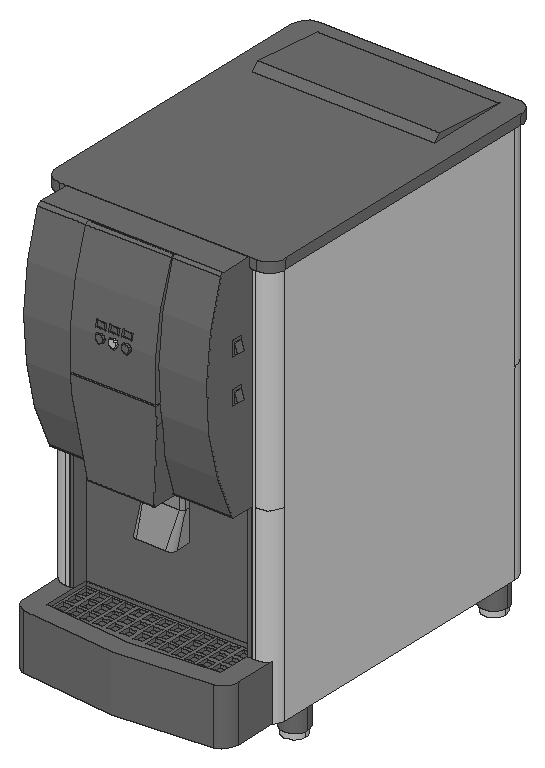
Revit family "QF_HOSHIZAKI_DCM-60KE-P", category Specialty Equipment, Revit 2016
Family settings
  Part Type = Normal
  Round Connector Dimension = Use Diameter
  OmniClass Number = 23.40.40.14
  OmniClass Title = Food Service Equipment
  Work Plane-Based = No
  Always vertical = Yes
  Cut with Voids When Loaded = No
  Shared = No
  Room Calculation Point = No
Parameters (values of type "DCM-60KE-P_240V/1Ph/60Hz")
  Weight = 47.00 kg
  Waste Remarks [instance] = ""
  Volts = 240 V
  URL Cutsheet = ""
  URL = "www.hoshizaki-europe.com"
  Status [instance] = ""
  Specification by User [instance] = ""
  Specification by Manufacturer [instance] = ""
  Serial Number = ""
  Seismic Rating = ""
  SMACNA No = ""
  Revision Code [instance] = ""
  Phase = 1
  Number of Poles = 2
  NAFEM Spec ID Number = ""
  Model = "DCM-60KE-P "
  Min Ckt Ampacity = 0 A
  Max Overcurrent Protection = 0 A
  Masterspec = ""
  Manufacturer = "HOSHIZAKI"
  Length Actual = 350 mm
  Item Number [instance] = ""
  Installed By [instance] = ""
  Indirect Waste Size = 25.4 mm
  Indirect Waste Connection Type [instance] = ""
  Indirect Waste Connection Height [instance] = 27 mm
  Identify Quantity as Lot [instance] = no
  Height Actual = 695 mm
  HP power = ""
  Furnished By [instance] = ""
  Foodservice Equipment Identifier [instance] = yes
  FL Amps = 20 A
  Electric power = 280 W
  Electric Connection Type [instance] = ""
  Elec Conn RI Height [instance] = 0 mm
  Elec Conn Connection Height [instance] = 45 mm
  Direct Waste RI Height [instance] = 0 mm
  Description = "DCM ICE AND WATER DISPENSER, 60KG PER 24 HOURS, CUBELET AND WATER, PUSH BUTTON"
  Depth Actual = 585 mm
  Cycle = 60 Hz
  Cost = 0
  Conn Plug = ""
  Conn Conduit = no
  Cold Water Temperature Recommended = 0 °C
  Cold Water Size = 19.05 mm
  Cold Water Flow = 0.0 L/s
  Cold Water Connection Height [instance] = 27 mm
  CSI MasterFormat = ""
  Assembly Code = "E1090320"
  Apparent Power = 280 VA
  Accessory = no
Types (2, lengths in mm): name | Volts | Cycle
  DCM-60KE-P_230V/1Ph/50Hz | 230 V | 50 Hz
  DCM-60KE-P_240V/1Ph/60Hz | 240 V | 60 Hz
Reference planes
  plane 1 "Center (Front/Back)": y = 0
  plane 2: z = 0
  plane 3 "Center (Left/Right)": x = 0
Forms (mm)
  Extrusion 1, solid, not visible
    sketch origin (24, -306, 26) x (1, 0, 0) y (0, 1, 0)
      loop
        line (0, 0) -> (2, 0) -> (2, 2) -> (0, 2) -> (0, 0)
    from 0 to 2
  Extrusion 2, solid, not visible
    sketch origin (266, -463, 26) x (1, 0, 0) y (0, 1, 0)
      loop
        line (0, 0) -> (2, 0) -> (2, 2) -> (0, 2) -> (0, 0)
    from 0 to 2
  Extrusion 3, solid, not visible
    sketch origin (319, -377, 44) x (1, 0, 0) y (0, 1, 0)
      loop
        line (0, 0) -> (2, 0) -> (2, 2) -> (0, 2) -> (0, 0)
    from 0 to 2
  Extrusion 4, solid, not visible
    sketch origin (24, -306, 26) x (1, 0, 0) y (0, 1, 0)
      loop
        line (0, 0) -> (2, 0) -> (2, 2) -> (0, 2) -> (0, 0)
    from 0 to 2
  Extrusion 5, solid, not visible
    sketch origin (266, -463, 26) x (1, 0, 0) y (0, 1, 0)
      loop
        line (0, 0) -> (2, 0) -> (2, 2) -> (0, 2) -> (0, 0)
    from 0 to 2
  Extrusion 6, solid, not visible
    sketch origin (319, -377, 44) x (1, 0, 0) y (0, 1, 0)
      loop
        line (0, 0) -> (2, 0) -> (2, 2) -> (0, 2) -> (0, 0)
    from 0 to 2
  Extrusion 7, solid, not visible
    sketch origin (24, -306, 26) x (1, 0, 0) y (0, 1, 0)
      loop
        line (0, 0) -> (2, 0) -> (2, 2) -> (0, 2) -> (0, 0)
    from 0 to 2
  Extrusion 8, solid, not visible
    sketch origin (266, -463, 26) x (1, 0, 0) y (0, 1, 0)
      loop
        line (0, 0) -> (2, 0) -> (2, 2) -> (0, 2) -> (0, 0)
    from 0 to 2
  Extrusion 9, solid, not visible
    sketch origin (319, -377, 44) x (1, 0, 0) y (0, 1, 0)
      loop
        line (0, 0) -> (2, 0) -> (2, 2) -> (0, 2) -> (0, 0)
    from 0 to 2
  Extrusion 10, solid, not visible
    sketch origin (24, -306, 26) x (1, 0, 0) y (0, 1, 0)
      loop
        line (0, 0) -> (2, 0) -> (2, 2) -> (0, 2) -> (0, 0)
    from 0 to 2
  Extrusion 11, solid, not visible
    sketch origin (266, -463, 26) x (1, 0, 0) y (0, 1, 0)
      loop
        line (0, 0) -> (2, 0) -> (2, 2) -> (0, 2) -> (0, 0)
    from 0 to 2
  Extrusion 12, solid, not visible
    sketch origin (319, -377, 44) x (1, 0, 0) y (0, 1, 0)
      loop
        line (0, 0) -> (2, 0) -> (2, 2) -> (0, 2) -> (0, 0)
    from 0 to 2
Dimensions and locks
  aligned and locked: level to plane 2
Nested families
  nested 1: "QF_HOSHIZAKI_DCM-60KE-P_230V_1Ph_50Hz" at (0, 0, 0), type "DCM-60KE-P_230V/1Ph/50Hz"
    with Show Clearance yes
Connectors
  piping at (25, -304, 27), diameter 19.05, driven by "Cold Water Size", driven by "Cold Water Flow"
    settings: on Extrusion 1, index 1, connector inside diameter 609.6 mm, connector length 0 mm, flow factor 0, pipe flow 0.0 L/s, pressure drop 0.0 Pa, fitting loss kfactor 0, connector angle 0.00°, fixture units 0, engagement length 0 mm, angle of deflection 0.00°, flow configuration 1, flow direction 1, fitting loss method 0, system type 20, joint type 0, gender type 0, connector reference index -1, connector utility 0, adjustable connector no, is connector primary yes, connector description "Cold Water connection for 'DCM-60KE-P'"
  piping at (267, -461, 27), diameter 25.4, driven by "Indirect Waste Size"
    settings: on Extrusion 2, index 2, connector inside diameter 609.6 mm, connector length 0 mm, flow factor 0, pipe flow 0.0 L/s, pressure drop 0.0 Pa, fitting loss kfactor 0, connector angle 0.00°, fixture units 0, engagement length 0 mm, angle of deflection 0.00°, flow configuration 1, flow direction 2, fitting loss method 0, system type 16, joint type 0, gender type 0, connector reference index -1, connector utility 0, adjustable connector no, is connector primary no, connector description "Drain connection for 'DCM-60KE-P'"
  electrical at (320, -375, 45), driven by "Apparent Power", driven by "Number of Poles", driven by "Volts"
    settings: on Extrusion 3, index 3, voltage 240 V, apparent load 0 VA, apparent load phase1 280 VA, apparent load phase2 0 VA, apparent load phase3 0 VA, power factor 1, load classification "Other", number of poles 2, system type 31, power factor state 1, is connector primary yes, connector utility no, sub classification motor no, connector description "Electric connection for 'DCM-60KE-P'"
  piping at (25, -304, 27), diameter 19.05, driven by "Cold Water Size", driven by "Cold Water Flow"
    settings: on Extrusion 4, index 4, connector inside diameter 609.6 mm, connector length 0 mm, flow factor 0, pipe flow 0.0 L/s, pressure drop 0.0 Pa, fitting loss kfactor 0, connector angle 0.00°, fixture units 0, engagement length 0 mm, angle of deflection 0.00°, flow configuration 1, flow direction 1, fitting loss method 0, system type 20, joint type 0, gender type 0, connector reference index -1, connector utility 0, adjustable connector no, is connector primary no, connector description "Cold Water connection for 'DCM-60KE-P'"
  piping at (267, -461, 27), diameter 25.4, driven by "Indirect Waste Size"
    settings: on Extrusion 5, index 5, connector inside diameter 609.6 mm, connector length 0 mm, flow factor 0, pipe flow 0.0 L/s, pressure drop 0.0 Pa, fitting loss kfactor 0, connector angle 0.00°, fixture units 0, engagement length 0 mm, angle of deflection 0.00°, flow configuration 1, flow direction 2, fitting loss method 0, system type 16, joint type 0, gender type 0, connector reference index -1, connector utility 0, adjustable connector no, is connector primary no, connector description "Drain connection for 'DCM-60KE-P'"
  electrical at (320, -375, 45), driven by "Apparent Power", driven by "Number of Poles", driven by "Volts"
    settings: on Extrusion 6, index 6, voltage 240 V, apparent load 0 VA, apparent load phase1 280 VA, apparent load phase2 0 VA, apparent load phase3 0 VA, power factor 1, load classification "Other", number of poles 2, system type 31, power factor state 1, is connector primary no, connector utility no, sub classification motor no, connector description "Electric connection for 'DCM-60KE-P'"
  piping at (25, -304, 27), diameter 19.05, driven by "Cold Water Size", driven by "Cold Water Flow"
    settings: on Extrusion 7, index 7, connector inside diameter 609.6 mm, connector length 0 mm, flow factor 0, pipe flow 0.0 L/s, pressure drop 0.0 Pa, fitting loss kfactor 0, connector angle 0.00°, fixture units 0, engagement length 0 mm, angle of deflection 0.00°, flow configuration 1, flow direction 1, fitting loss method 0, system type 20, joint type 0, gender type 0, connector reference index -1, connector utility 0, adjustable connector no, is connector primary no, connector description "Cold Water connection for 'DCM-60KE-P'"
  piping at (267, -461, 27), diameter 25.4, driven by "Indirect Waste Size"
    settings: on Extrusion 8, index 8, connector inside diameter 609.6 mm, connector length 0 mm, flow factor 0, pipe flow 0.0 L/s, pressure drop 0.0 Pa, fitting loss kfactor 0, connector angle 0.00°, fixture units 0, engagement length 0 mm, angle of deflection 0.00°, flow configuration 1, flow direction 2, fitting loss method 0, system type 16, joint type 0, gender type 0, connector reference index -1, connector utility 0, adjustable connector no, is connector primary no, connector description "Drain connection for 'DCM-60KE-P'"
  electrical at (320, -375, 45), driven by "Apparent Power", driven by "Number of Poles", driven by "Volts"
    settings: on Extrusion 9, index 9, voltage 240 V, apparent load 0 VA, apparent load phase1 280 VA, apparent load phase2 0 VA, apparent load phase3 0 VA, power factor 1, load classification "Other", number of poles 2, system type 31, power factor state 1, is connector primary no, connector utility no, sub classification motor no, connector description "Electric connection for 'DCM-60KE-P'"
  piping at (25, -304, 27), diameter 19.05, driven by "Cold Water Size", driven by "Cold Water Flow"
    settings: on Extrusion 10, index 10, connector inside diameter 609.6 mm, connector length 0 mm, flow factor 0, pipe flow 0.0 L/s, pressure drop 0.0 Pa, fitting loss kfactor 0, connector angle 0.00°, fixture units 0, engagement length 0 mm, angle of deflection 0.00°, flow configuration 1, flow direction 1, fitting loss method 0, system type 20, joint type 0, gender type 0, connector reference index -1, connector utility 0, adjustable connector no, is connector primary no, connector description "Cold Water connection for 'DCM-60KE-P'"
  piping at (267, -461, 27), diameter 25.4, driven by "Indirect Waste Size"
    settings: on Extrusion 11, index 11, connector inside diameter 609.6 mm, connector length 0 mm, flow factor 0, pipe flow 0.0 L/s, pressure drop 0.0 Pa, fitting loss kfactor 0, connector angle 0.00°, fixture units 0, engagement length 0 mm, angle of deflection 0.00°, flow configuration 1, flow direction 2, fitting loss method 0, system type 16, joint type 0, gender type 0, connector reference index -1, connector utility 0, adjustable connector no, is connector primary no, connector description "Drain connection for 'DCM-60KE-P'"
  electrical at (320, -375, 45), driven by "Apparent Power", driven by "Number of Poles", driven by "Volts"
    settings: on Extrusion 12, index 12, voltage 240 V, apparent load 0 VA, apparent load phase1 280 VA, apparent load phase2 0 VA, apparent load phase3 0 VA, power factor 1, load classification "Other", number of poles 2, system type 31, power factor state 1, is connector primary no, connector utility no, sub classification motor no, connector description "Electric connection for 'DCM-60KE-P'"
Definition of nested family "QF_HOSHIZAKI_DCM-60KE-P_230V_1Ph_50Hz"
  Parameters (values of type "DCM-60KE-P_230V/1Ph/50Hz")
    URL = "www.hoshizaki-europe.com"
    Show Clearance [instance] = yes
    Model = "DCM-60KE-P"
    Manufacturer = "HOSHIZAKI"
    Description = "DCM ICE AND WATER DISPENSER, 60KG PER 24 HOURS, CUBELET AND WATER, PUSH BUTTON"
    Assembly Code = "E1090320"
  Types (4, lengths in mm): name | Model | Description
    (no name) | "DCM-60KE" | "DCM ICE AND WATER DISPENSER, 60KG PER 24 HOURS, CUBELET AND WATER, PUSH BUTTON"
    DCM-60KE | "DCM-60KE" | "DCM ICE AND WATER DISPENSER, 60KG PER 24 HOURS, CUBELET AND WATER, PUSH BUTTON"
    DCM-60KE-P_230V/1Ph/50Hz | "DCM-60KE-P" | "DCM ICE AND WATER DISPENSER, 60KG PER 24 HOURS, CUBELET AND WATER, PUSH BUTTON"
    DCM-60KE-HC | "DCM-60KE-HC" | "DCM ICE AND WATER DISPENSER, 60KG PER 24 HOURS, CUBELET AND WATER, LEVER"
  Reference planes
    plane 1 "Back": y = 0
    plane 2: z = 0
    plane 3 "Left": x = 0
    plane 4 "Right": x = 350
    plane 5 "Front": y = -585
    plane 6 "Top": z = 695
  Forms (mm)
    Extrusion 1, solid
      sketch origin (0, 0, 0) x (1, 0, 0) y (0, 1, 0)
        loop
          arc (25, 0) -> (7.322, -7.322) -> (0, -25) r 25
          line (0, -25) -> (0, -472.5)
          arc (0, -472.5) -> (7.322, -490.178) -> (25, -497.5) r 25
          line (25, -497.5) -> (325, -497.5)
          arc (325, -497.5) -> (342.678, -490.178) -> (350, -472.5) r 25
          line (350, -472.5) -> (350, -25)
          arc (350, -25) -> (342.678, -7.322) -> (325, 0) r 25
          line (325, 0) -> (25, 0)
      from 670 to 685
    Extrusion 2, solid
      sketch origin (0, 0, 342) x (1, 0, 0) y (0, 1, 0)
        loop
          arc (25, -5) -> (10.858, -10.858) -> (5, -25) r 20
          line (5, -25) -> (5, -468)
          arc (5, -468) -> (12.322, -485.678) -> (30, -493) r 25
          line (30, -493) -> (320, -493)
          arc (320, -493) -> (337.678, -485.678) -> (345, -468) r 25
          line (345, -468) -> (345, -30)
          arc (345, -30) -> (337.678, -12.322) -> (320, -5) r 25
          line (320, -5) -> (25, -5)
      from 0 to 328
    Extrusion 3, solid
      sketch origin (0, 0, 50) x (1, 0, 0) y (0, 1, 0)
        loop
          arc (25, -5) -> (10.858, -10.858) -> (5, -25) r 20
          line (5, -25) -> (5, -468)
          arc (5, -468) -> (12.322, -485.678) -> (30, -493) r 25
          line (30, -493) -> (36, -493) -> (36, -464) -> (314, -464) -> (314, -493) -> (320, -493)
          arc (320, -493) -> (337.678, -485.678) -> (345, -468) r 25
          line (345, -468) -> (345, -30)
          arc (345, -30) -> (337.678, -12.322) -> (320, -5) r 25
          line (320, -5) -> (25, -5)
      from 0 to 292
    Extrusion 4, solid
      sketch origin (0, -66, 50) x (1, 0, 0) y (0, 1, 0)
        loop
          line (12, -419.349) -> (12, -482.41)
          arc (12, -482.41) -> (17.026, -497.445) -> (30.084, -506.435) r 25
          arc (30.084, -506.435) -> (175, -519.412) -> (319.916, -506.435) r 815.614
          arc (319.916, -506.435) -> (332.974, -497.445) -> (338, -482.41) r 25
          line (338, -482.41) -> (338, -419.349)
          arc (338, -419.349) -> (329.779, -425.008) -> (320, -427) r 25
          line (320, -427) -> (314, -427) -> (314, -398) -> (36, -398) -> (36, -427) -> (30, -427)
          arc (30, -427) -> (20.221, -425.008) -> (12, -419.349) r 25
        loop
          line (308, -403) -> (42, -403) -> (42, -478.072)
          arc (42, -478.072) -> (175, -489.412) -> (308, -478.072) r 785.614
          line (308, -478.072) -> (308, -403)
      from 0 to 85
    Extrusion 5, solid
      sketch origin (0, -66, 0) x (1, 0, 0) y (0, 1, 0)
        loop
          line (36, -398) -> (36, -427) -> (42, -427) -> (42, -403) -> (308, -403) -> (308, -427) -> (314, -427) -> (314, -398) -> (36, -398)
      from 135 to 342
    Extrusion 6, solid
      sketch origin (0, -66, 0) x (0, 1, 0) y (0, 0, 1)
        loop
          line (-432, 685) -> (-481.019, 685)
          arc (-481.019, 685) -> (-484.281, 684.203) -> (-486.807, 681.99) r 7.071
          arc (-486.807, 681.99) -> (-512.245, 511.161) -> (-465.09, 345.01) r 410.068
          arc (-465.09, 345.01) -> (-462.564, 342.797) -> (-459.302, 342) r 7.071
          line (-459.302, 342) -> (-427, 342) -> (-427, 670) -> (-432, 670) -> (-432, 685)
      from 36 to 314
    Extrusion 7, solid
      sketch origin (110, -56, 0) x (0, 1, 0) y (0, 0, 1)
        loop
          arc (-519.687, 494) -> (-518.711, 589.399) -> (-495.717, 681.99) r 410.068
          arc (-495.717, 681.99) -> (-493.191, 684.203) -> (-489.929, 685) r 7.071
          line (-489.929, 685) -> (-491.929, 685)
          arc (-491.929, 685) -> (-495.191, 684.203) -> (-497.717, 681.99) r 7.071
          arc (-497.717, 681.99) -> (-523.03, 589.664) -> (-526.687, 494) r 418.253
          line (-526.687, 494) -> (-519.687, 494)
        loop
          line (-506.898, 342) -> (-468.212, 342)
          arc (-468.212, 342) -> (-471.474, 342.797) -> (-474, 345.01) r 7.071
          arc (-474, 345.01) -> (-503.615, 416.113) -> (-519.412, 491.5) r 410.068
          line (-519.412, 491.5) -> (-526.672, 491.5)
          arc (-526.672, 491.5) -> (-521.965, 418.037) -> (-512.687, 345.01) r 1179.959
          arc (-512.687, 345.01) -> (-510.16, 342.797) -> (-506.898, 342) r 7.071
      from 0 to 130
    Extrusion 8, void
      sketch origin (0, -66, 0) x (1, 0, 0) y (0, 0, 1)
        loop
          line (225, 342) -> (240, 342) -> (240, 464.165) -> (225, 342)
        loop
          line (125, 342) -> (110, 464.165) -> (110, 342) -> (125, 342)
      from 527.039 to 427
    Extrusion 9, solid
      sketch origin (0, -66, 0) x (1, 0, 0) y (0, 1, 0)
        loop
          arc (42, -478.072) -> (175, -489.412) -> (308, -478.072) r 785.614
          line (308, -478.072) -> (308, -403) -> (42, -403) -> (42, -478.072)
      from 50 to 65.191
    Extrusion 10, solid
      sketch origin (0, -66, 125) x (1, 0, 0) y (0, 1, 0)
        loop
          line (44, -405) -> (44, -478.385)
          arc (44, -478.385) -> (175, -489.412) -> (306, -478.385) r 783.614
          line (306, -478.385) -> (306, -405) -> (44, -405)
        loop
          line (62.5, -410) -> (47.5, -410) -> (47.5, -427) -> (62.5, -427) -> (62.5, -410)
        loop
          line (67.5, -410) -> (67.5, -427) -> (82.5, -427) -> (82.5, -410) -> (67.5, -410)
        loop
          line (87.5, -410) -> (87.5, -427) -> (102.5, -427) -> (102.5, -410) -> (87.5, -410)
        loop
          line (107.5, -410) -> (107.5, -427) -> (122.5, -427) -> (122.5, -410) -> (107.5, -410)
        loop
          line (127.5, -410) -> (127.5, -427) -> (142.5, -427) -> (142.5, -410) -> (127.5, -410)
        loop
          line (147.5, -410) -> (147.5, -427) -> (162.5, -427) -> (162.5, -410) -> (147.5, -410)
        loop
          line (167.5, -410) -> (167.5, -427) -> (182.5, -427) -> (182.5, -410) -> (167.5, -410)
        loop
          line (187.5, -410) -> (187.5, -427) -> (202.5, -427) -> (202.5, -410) -> (187.5, -410)
        loop
          line (207.5, -410) -> (207.5, -427) -> (222.5, -427) -> (222.5, -410) -> (207.5, -410)
        loop
          line (227.5, -410) -> (227.5, -427) -> (242.5, -427) -> (242.5, -410) -> (227.5, -410)
        loop
          line (247.5, -410) -> (247.5, -427) -> (262.5, -427) -> (262.5, -410) -> (247.5, -410)
        loop
          line (267.5, -410) -> (267.5, -427) -> (282.5, -427) -> (282.5, -410) -> (267.5, -410)
        loop
          line (287.5, -410) -> (287.5, -427) -> (302.5, -427) -> (302.5, -410) -> (287.5, -410)
        loop
          line (62.5, -432) -> (47.5, -432) -> (47.5, -449) -> (62.5, -449) -> (62.5, -432)
        loop
          line (67.5, -432) -> (67.5, -449) -> (82.5, -449) -> (82.5, -432) -> (67.5, -432)
        loop
          line (87.5, -432) -> (87.5, -449) -> (102.5, -449) -> (102.5, -432) -> (87.5, -432)
        loop
          line (107.5, -432) -> (107.5, -449) -> (122.5, -449) -> (122.5, -432) -> (107.5, -432)
        loop
          line (127.5, -432) -> (127.5, -449) -> (142.5, -449) -> (142.5, -432) -> (127.5, -432)
        loop
          line (147.5, -432) -> (147.5, -449) -> (162.5, -449) -> (162.5, -432) -> (147.5, -432)
        loop
          line (167.5, -432) -> (167.5, -449) -> (182.5, -449) -> (182.5, -432) -> (167.5, -432)
        loop
          line (187.5, -432) -> (187.5, -449) -> (202.5, -449) -> (202.5, -432) -> (187.5, -432)
        loop
          line (207.5, -432) -> (207.5, -449) -> (222.5, -449) -> (222.5, -432) -> (207.5, -432)
        loop
          line (227.5, -432) -> (227.5, -449) -> (242.5, -449) -> (242.5, -432) -> (227.5, -432)
        loop
          line (247.5, -432) -> (247.5, -449) -> (262.5, -449) -> (262.5, -432) -> (247.5, -432)
        loop
          line (267.5, -432) -> (267.5, -449) -> (282.5, -449) -> (282.5, -432) -> (267.5, -432)
        loop
          line (287.5, -432) -> (287.5, -449) -> (302.5, -449) -> (302.5, -432) -> (287.5, -432)
        loop
          line (62.5, -454) -> (47.5, -454) -> (47.5, -471) -> (62.5, -471) -> (62.5, -454)
        loop
          line (67.5, -454) -> (67.5, -471) -> (82.5, -471) -> (82.5, -454) -> (67.5, -454)
        loop
          line (87.5, -454) -> (87.5, -471) -> (102.5, -471) -> (102.5, -454) -> (87.5, -454)
        loop
          line (107.5, -454) -> (107.5, -471) -> (122.5, -471) -> (122.5, -454) -> (107.5, -454)
        loop
          line (127.5, -454) -> (127.5, -471) -> (142.5, -471) -> (142.5, -454) -> (127.5, -454)
        loop
          line (147.5, -454) -> (147.5, -471) -> (162.5, -471) -> (162.5, -454) -> (147.5, -454)
        loop
          line (167.5, -454) -> (167.5, -471) -> (182.5, -471) -> (182.5, -454) -> (167.5, -454)
        loop
          line (187.5, -454) -> (187.5, -471) -> (202.5, -471) -> (202.5, -454) -> (187.5, -454)
        loop
          line (207.5, -454) -> (207.5, -471) -> (222.5, -471) -> (222.5, -454) -> (207.5, -454)
        loop
          line (227.5, -454) -> (227.5, -471) -> (242.5, -471) -> (242.5, -454) -> (227.5, -454)
        loop
          line (247.5, -454) -> (247.5, -471) -> (262.5, -471) -> (262.5, -454) -> (247.5, -454)
        loop
          line (267.5, -454) -> (267.5, -471) -> (282.5, -471) -> (282.5, -454) -> (267.5, -454)
        loop
          line (287.5, -454) -> (287.5, -471) -> (302.5, -471) -> (302.5, -454) -> (287.5, -454)
      from 0 to 5
    Blend 11, solid
      base sketch origin (0, -166, 0) x (1, 0, 0) y (0, 1, 0)
        loop
          line (140.482, -311.165) -> (140.482, -332.165)
          arc (140.482, -332.165) -> (143.411, -339.236) -> (150.482, -342.165) r 10
          line (150.482, -342.165) -> (195.482, -342.165)
          arc (195.482, -342.165) -> (202.553, -339.236) -> (205.482, -332.165) r 10
          line (205.482, -332.165) -> (205.482, -311.165) -> (140.482, -311.165)
      top sketch origin (0, -166, 0) x (1, 0, 0) y (0, 1, 0)
        loop
          line (140.482, -311.165) -> (140.482, -316.665)
          arc (140.482, -316.665) -> (142.093, -320.554) -> (145.982, -322.165) r 5.5
          line (145.982, -322.165) -> (199.982, -322.165)
          arc (199.982, -322.165) -> (203.871, -320.554) -> (205.482, -316.665) r 5.5
          line (205.482, -316.665) -> (205.482, -311.165) -> (140.482, -311.165)
      from 246.816 to 295.491
    Extrusion 12, void
      sketch origin (10.847, -578.687, -25.244) x (1, 0, 0) y (0, 0, 1)
        loop
          line (136.653, 603.244) -> (136.653, 593.244) -> (151.653, 593.244) -> (151.653, 603.244) -> (136.653, 603.244)
        loop
          line (156.653, 603.244) -> (156.653, 593.244) -> (171.653, 593.244) -> (171.653, 603.244) -> (156.653, 603.244)
        loop
          line (176.653, 603.244) -> (176.653, 593.244) -> (191.653, 593.244) -> (191.653, 603.244) -> (176.653, 603.244)
        loop
          circle (144.348, 580.744) r 7.5
        loop
          circle (164.348, 580.744) r 7.5
        loop
          circle (184.348, 580.744) r 7.5
      from 0 to 40
    Extrusion 13, solid
      sketch origin (0, -56, 568.172) x (1, 0, 0) y (0, 1, 0)
        loop
          line (148.752, -523.552) -> (161.455, -525.792) -> (161.455, -520.871) -> (148.752, -520.871) -> (148.752, -523.552)
      from 0.911 to 8.576
    Extrusion 14, solid
      sketch origin (20, -56, 568.172) x (1, 0, 0) y (0, 1, 0)
        loop
          line (148.752, -523.552) -> (161.455, -525.792) -> (161.455, -520.871) -> (148.752, -520.871) -> (148.752, -523.552)
      from 0.911 to 8.576
    Extrusion 15, solid
      sketch origin (40, -56, 568.172) x (1, 0, 0) y (0, 1, 0)
        loop
          line (148.752, -523.552) -> (161.455, -525.792) -> (161.455, -520.871) -> (148.752, -520.871) -> (148.752, -523.552)
      from 0.911 to 8.576
    Extrusion 16, solid
      sketch origin (0, -577.851, 0) x (1, 0, 0) y (0, 0, 1)
        loop
          circle (155.195, 555.5) r 5.5
      from 0 to 7.129
    Extrusion 17, solid
      sketch origin (40, -577.851, 0) x (1, 0, 0) y (0, 0, 1)
        loop
          circle (155.195, 555.5) r 5.5
      from 0 to 7.129
    Extrusion 18, solid
      sketch origin (20, -577.851, 0) x (1, 0, 0) y (0, 0, 1)
        loop
          circle (155.195, 555.5) r 5.5
      from 0 to 7.129
    Extrusion 19, solid
      sketch origin (-132.67, 338.627, 0.282) x (1, 0, 0) y (0, 1, 0)
        loop
          circle (166.67, -372.627) r 20.5
      from 9.718 to 49.718
    Extrusion 20, solid
      sketch origin (-132.67, 338.627, 0) x (1, 0, 0) y (0, 1, 0)
        loop
          circle (166.67, -372.627) r 17.5
      from 0 to 10
    Extrusion 21, solid
      sketch origin (482.67, 338.627, 0.282) x (-1, 0, 0) y (0, -1, 0)
        loop
          circle (166.67, 372.627) r 20.5
      from 9.718 to 49.718
    Extrusion 22, solid
      sketch origin (482.67, 338.627, 0) x (-1, 0, 0) y (0, -1, 0)
        loop
          circle (166.67, 372.627) r 17.5
      from 0 to 10
    Extrusion 23, solid
      sketch origin (-132.67, -41.373, 0.282) x (1, 0, 0) y (0, 1, 0)
        loop
          circle (166.67, -372.627) r 20.5
      from 9.718 to 49.718
    Extrusion 24, solid
      sketch origin (-132.67, -41.373, 0) x (1, 0, 0) y (0, 1, 0)
        loop
          circle (166.67, -372.627) r 17.5
      from 0 to 10
    Extrusion 25, solid
      sketch origin (482.67, -41.373, 0.282) x (-1, 0, 0) y (0, -1, 0)
        loop
          circle (166.67, 372.627) r 20.5
      from 9.718 to 49.718
    Extrusion 26, solid
      sketch origin (482.67, -41.373, 0) x (-1, 0, 0) y (0, -1, 0)
        loop
          circle (166.67, 372.627) r 17.5
      from 0 to 10
    Extrusion 27, solid
      sketch origin (0, -66, 0) x (1, 0, 0) y (0, 1, 0)
        loop
          line (140.482, -411.165) -> (140.482, -416.665)
          arc (140.482, -416.665) -> (142.093, -420.554) -> (145.982, -422.165) r 5.5
          line (145.982, -422.165) -> (199.982, -422.165)
          arc (199.982, -422.165) -> (203.871, -420.554) -> (205.482, -416.665) r 5.5
          line (205.482, -416.665) -> (205.482, -411.165) -> (140.482, -411.165)
      from 295.491 to 342
    Extrusion 28, solid
      sketch origin (0, 0, 0) x (0, 1, 0) y (0, 0, 1)
        loop
          line (-20, 685) -> (-134.301, 695) -> (-144.301, 685) -> (-20, 685)
      from 314 to 36
    Extrusion 29, solid
      sketch origin (-6.587, -35.66, 27) x (1, 0, 0) y (0, 1, 0)
        loop
          circle (31.587, -268.34) r 10
        loop
          circle (31.587, -268.34) r 8
      from 0 to 23
    Extrusion 30, solid
      sketch origin (117.104, -60.281, 45) x (1, 0, 0) y (0, 1, 0)
        loop
          circle (202.896, -313.719) r 5
      from 0 to 5
    Sweep 31, solid
      path origin (267, -143.502, 0) x (0, 1, 0) y (0, 0, 1)
        loop
          line (-343, 50) -> (-343, 37.5)
          arc (-343, 37.5) -> (-338.607, 26.893) -> (-328, 22.5) r 15
          line (-328, 22.5) -> (-317.393, 22.5)
      profile origin (267, -486.502, 43.75) x (1, 0, 0) y (0, 1, 0)
        loop
          circle (0, 0) r 12.5
        loop
          circle (0, 0) r 10.5
    Extrusion 32, solid
      sketch origin (314, 15, 35) x (0, 1, 0) y (0, 0, 1)
        loop
          line (-546.84, 550.904) -> (-546.84, 529.904) -> (-531.84, 529.904) -> (-531.84, 550.904) -> (-546.84, 550.904)
      from 0 to 2
    Extrusion 33, solid
      sketch origin (314, 15, -32) x (0, 1, 0) y (0, 0, 1)
        loop
          line (-546.84, 550.904) -> (-546.84, 529.904) -> (-531.84, 529.904) -> (-531.84, 550.904) -> (-546.84, 550.904)
      from 0 to 2
    Extrusion 34, solid
      sketch origin (0, -679.835, 0) x (1, 0, 0) y (0, 0, 1)
        loop
          line (316, 583.434) -> (316, 566.716) -> (322.223, 569.617) -> (318.043, 582.481) -> (316, 583.434)
      from -150 to -160.99
    Extrusion 35, solid
      sketch origin (0, -679.835, -67) x (1, 0, 0) y (0, 0, 1)
        loop
          line (316, 583.434) -> (316, 566.716) -> (322.223, 569.617) -> (318.043, 582.481) -> (316, 583.434)
      from -150 to -160.99
  Cuts and joins
    Extrusion 8, Extrusion 12 cuts Extrusion 7
    joined: Extrusion 2, Extrusion 3
  Lines and regions (mm)
    symbolic lines
      curve 1: line (25, 0, 0) -> (325, 0, 0)
      curve 2: arc (325, 0, 0) -> (342.678, -7.322, 0) -> (350, -25, 0) r 25
      curve 3: line (350, -25, 0) -> (350, -472.5, 0)
      curve 4: arc (350, -472.5, 0) -> (342.678, -490.178, 0) -> (325, -497.5, 0) r 25
      curve 5: line (338, -493.854, 0) -> (338, -548.41, 0)
      curve 6: arc (338, -548.41, 0) -> (332.974, -563.445, 0) -> (319.916, -572.435, 0) r 25
      curve 7: arc (319.916, -572.435, 0) -> (177.958, -585.981, 0) -> (36, -572.435, 0) r 750.588
      curve 8: arc (36, -572.435, 0) -> (19.029, -565.405, 0) -> (12, -548.435, 0) r 24
      curve 9: line (12, -548.435, 0) -> (12, -493.854, 0)
      curve 10: arc (25, -497.5, 0) -> (7.322, -490.178, 0) -> (0, -472.5, 0) r 25
      curve 11: line (0, -472.5, 0) -> (0, -25, 0)
      curve 12: arc (0, -25, 0) -> (7.322, -7.322, 0) -> (25, 0, 0) r 25
      curve 13: line (36, -497.5, 0) -> (36, -572.435, 0)
      curve 14: line (314, -497.5, 0) -> (314, -573.55, 0)
      curve 15: line (325, -497.5, 0) -> (25, -497.5, 0)
      curve 16: line (36, -20, 0) -> (314, -20, 0)
      curve 17: line (314, -20, 0) -> (314, -144.301, 0)
      curve 18: line (314, -144.301, 0) -> (36, -144.301, 0)
      curve 19: line (36, -144.301, 0) -> (36, -20, 0)
  Dimensions and locks
    aligned and locked: level to plane 2
  Connectors
    piping at (25, -304, 27), diameter 19.05
      settings: on Extrusion 29, index 1, connector inside diameter 609.6 mm, connector length 0 mm, flow factor 0, pipe flow 0.0 L/s, pressure drop 0.0 Pa, fitting loss kfactor 0, connector angle 0.00°, fixture units 0, engagement length 0 mm, angle of deflection 0.00°, flow configuration 1, flow direction 1, fitting loss method 0, system type 20, joint type 0, gender type 0, connector reference index -1, connector utility 0, adjustable connector no, is connector primary yes, connector description "Cold Water Connection"
    electrical at (320, -374, 45)
      settings: on Extrusion 30, index 2, voltage 230 V, apparent load 0 VA, apparent load phase1 280 VA, apparent load phase2 0 VA, apparent load phase3 0 VA, power factor 1, load classification none, number of poles 1, system type 31, power factor state 1, is connector primary yes, connector utility no, sub classification motor no, connector description "Electrical Connection"
    piping at (267, -460.895, 22.5), diameter 25.4
      settings: on Sweep 31, index 3, connector inside diameter 609.6 mm, connector length 0 mm, flow factor 0, pipe flow 0.0 L/s, pressure drop 0.0 Pa, fitting loss kfactor 0, connector angle 0.00°, fixture units 0, engagement length 0 mm, angle of deflection 0.00°, flow configuration 1, flow direction 2, fitting loss method 0, system type 16, joint type 0, gender type 0, connector reference index -1, connector utility 0, adjustable connector no, is connector primary no, connector description "Indirect Waste Connection"
